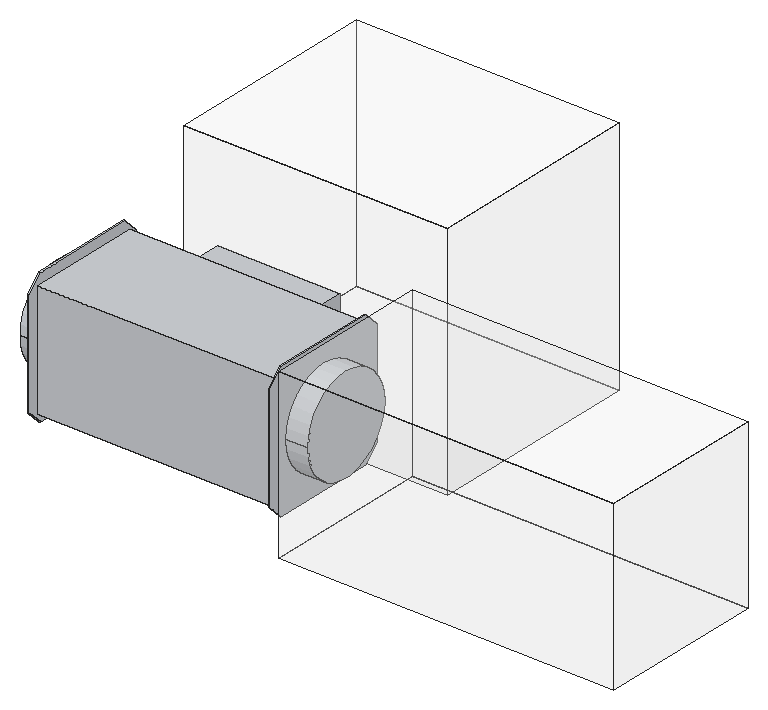
Revit family "140_VAV_変風量ユニット_丸ダクト用", category ダクト付属品, Revit 2022
Family settings
  丸型コネクタ寸法 = 直径を使用
  パーツ タイプ = 割り込み
  OmniClass 番号 = 23.75.70.11.14.14
  OmniClass タイトル = Dampers for Air Ductwork
  作業面ベース = いいえ
  常に垂直 = はい
  ロード時にボイドで切り取り = いいえ
  共有 = いいえ
Parameters (values of type "変風量ユニット_丸ダクト用")
  風量 [instance] = 0.0 m³/h
  風速 = 0.0 m/s
  質量 = 7.00 kg
  製品出荷対象 = ""
  製品リリース年月 = ""
  法定耐用年数 = "15"
  圧力損失 [instance] = 0.0 Pa
  メンテナンススペース [instance] = yes
  メンテ_W [instance] = 700 mm
  メンテ_H [instance] = 350 mm
  メンテ_D [instance] = 350 mm
  VAV長さ [instance] = 550 mm
  既定の高さ = 0 mm
  2D記号 = 記号_変風量ユニット : 1/100
  製品グループ = ""
  耐圧 [instance] = ""
  符号 = "VAV"
  積算_科目 = ""
  積算_拾い区分 [instance] = ""
  built-in parameter 1114242 [instance] = 1
  材質 = ""
  方向2 [instance] = not(方向1)  # no
  方向1 [instance] = yes
  文字 [instance] = ""
  呼称 = "変風量ユニット"
  分類コード = "50059004100020"
  分類グループ = ""
  企業コード = ""
  仕様書バージョン = "Version1.0"
  仕様7 [instance] = ""
  仕様6 [instance] = ""
  仕様5 [instance] = ""
  仕様4 [instance] = ""
  仕様3 [instance] = ""
  仕様2 [instance] = ""
  仕様 [instance] = ""
  ダクト径 [instance] = 200 mm
  本体マテリアル = none
  コメント [instance] = ""
  Width [instance] = 280 mm
  Version = ""
  Uniclass2015Version = "Systems v1.9"
  Uniclass2015Title = "Variable air volume boxes"
  Uniclass2015Code = "Pr_65_65_24_93"
  SpecificationReference = ""
  SpecificationDescription = ""
  Revision = ""
  ProductInformation = ""
  OmniClassCode = "23-33 41 17 13"
  IfcTypeProduct = ""
  IfcProduct = ""
  IfcExportType = "VARIABLEFLOWPRESSUREDEPENDANT"
  IfcExportAs = "IfcAirTerminalBoxType"
  Height [instance] = 280 mm
  Depth = 600 mm
  Author = "Revit User Group Japan"
  2D [instance] = yes
Reference planes
  plane 1 "中心(正面/背面)": y = 0
  plane 2: z = 0
  plane 3 "中心(左/右)": x = 0
  plane 4: y = 140
  plane 5: x = 300
  plane 6: z = 140
  plane 7: z = -140
  plane 8: x = 0
  plane 9: y = -140
  plane 10: x = -300
  plane 11: x = -250
  plane 12: x = 250
  plane 13: y = 120
  plane 14: y = -120
  plane 15: z = 120
  plane 16: z = -120
  plane 17: y = -110
  plane 18: y = 110
  plane 19: z = 110
  plane 20: z = -110
  plane 21: y = -140
Forms (mm)
  Extrusion 1, solid, material <- "本体マテリアル", detail levels medium+fine
    sketch origin (-158.75, 0, 0) x (1, 0, 0) y (0, 1, 0)
      loop
        line (-91.25, 120) -> (-91.25, -120) -> (408.75, -120) -> (408.75, 120) -> (-91.25, 120)
    from -120 to 120
  Extrusion 2, solid, material <- "本体マテリアル", detail levels fine
    sketch origin (0, 0, 0) x (0, 1, 0) y (0, 0, 1)
      loop
        circle (0, 0) r 100
    from -300 to -250
  Extrusion 3, solid, material <- "本体マテリアル", detail levels fine
    sketch origin (0, 0, 0) x (0, 1, 0) y (0, 0, 1)
      loop
        circle (0, 0) r 100
    from 250 to 300
  Extrusion 4, solid, material <- "本体マテリアル", detail levels fine
    sketch origin (0, 0, 0) x (0, 1, 0) y (0, 0, 1)
      loop
        line (110, -140) -> (140, -110) -> (140, 110) -> (110, 140) -> (-110, 140) -> (-140, 110) -> (-140, -110) -> (-110, -140) -> (110, -140)
    from -250 to -252.5
  Extrusion 5, solid, material <- "本体マテリアル", detail levels fine
    sketch origin (0, 0, 0) x (0, 1, 0) y (0, 0, 1)
      loop
        line (110, -140) -> (140, -110) -> (140, 110) -> (110, 140) -> (-110, 140) -> (-140, 110) -> (-140, -110) -> (-110, -140) -> (110, -140)
    from 250 to 252.5
  Extrusion 6, solid
    sketch origin (-11.5, -10, 0) x (1, 0, 0) y (0, 1, 0)
      loop
        line (-168.5, 275) -> (-168.5, 130) -> (86.5, 130) -> (86.5, 275) -> (-168.5, 275)
    from -50 to 50
Lines and regions (mm)
  symbolic lines, visible <- "方向1", detail levels medium+fine
    curve 1: line (-250, 120, 0) -> (250, 0, 0)
    curve 2: line (250, 0, 0) -> (-250, -120, 0)
  symbolic lines, visible <- "方向2", detail levels fine
    curve 3: line (250, 120, 0) -> (-250, 0, 0)
    curve 4: line (-250, 0, 0) -> (250, -120, 0)
  model lines, style "メンテナンススペース", visible <- "メンテナンススペース"
    curve 5: line (-250, 715, 0) -> (300, 265, 0)
    curve 6: line (300, 715, 0) -> (-250, 265, 0)
Dimensions and locks
  equal spacing: plane 6, plane 2, plane 7
  equal spacing: plane 4, plane 1 "中心(正面/背面)", plane 9
  "Width": plane 4 to plane 9
  "Width": plane 7 to plane 6
  equal spacing: plane 10, plane 3 "中心(左/右)", plane 5
  "Depth": plane 10 to plane 5
  locked: plane 12 to plane 5 at 50
  locked: plane 10 to plane 11 at 50
  locked: plane 4 to plane 13 at 20
  locked: plane 9 to plane 14 at 20
  locked: plane 15 to plane 6 at 20
  locked: plane 7 to plane 16 at 20
  locked: plane 4 to plane 18 at 30
  locked: plane 17 to plane 9 at 30
  locked: plane 19 to plane 6 at 30
  locked: plane 7 to plane 20 at 30
  locked: plane 12 to Extrusion 5 at 2.5
  locked: Extrusion 4 to plane 11 at 2.5
  "Height": plane 4 to plane 21
  locked: Extrusion 6 to Extrusion 6 at 255
  "ダクト径": diameter of Extrusion 3 sketch curve
  "ダクト径": diameter of Extrusion 2 sketch curve
  aligned and locked: plane 3 "中心(左/右)" to plane 8
  aligned and locked: Extrusion 2 to plane 10
  aligned and locked: plane 11 to Extrusion 2
  aligned and locked: Extrusion 3 to plane 12
  aligned and locked: Extrusion 1 to plane 15
  aligned and locked: plane 16 to Extrusion 1
  aligned and locked: Extrusion 5 to plane 12
  aligned and locked: Extrusion 4 to plane 11
  aligned and locked: plane 5 to Extrusion 3
  aligned and locked: plane 1 "中心(正面/背面)" to nested 1
  aligned and locked: nested 2 to plane 1 "中心(正面/背面)"
  aligned and locked: nested 2 to plane 8
  aligned and locked: plane 8 to nested 1
Automatic sketch dimensions
  Extrusion 1 sketch curve to plane 11 = 0 mm
  Extrusion 1 sketch curve to plane 12 = 0 mm
  Extrusion 1 sketch curve to plane 14 = 0 mm
  Extrusion 1 sketch curve to plane 13 = 0 mm
  Extrusion 4 sketch curve to plane 9 = 0 mm
  plane 7 to Extrusion 4 sketch curve = 0 mm
  Extrusion 4 sketch curve to plane 17 = 0 mm  (x2)
  plane 6 to Extrusion 4 sketch curve = 0 mm
  Extrusion 4 sketch curve to plane 18 = 0 mm  (x2)
  Extrusion 4 sketch curve to plane 4 = 0 mm
  plane 20 to Extrusion 4 sketch curve = 0 mm  (x2)
  plane 19 to Extrusion 4 sketch curve = 0 mm  (x2)
  Extrusion 5 sketch curve to plane 9 = 0 mm
  plane 7 to Extrusion 5 sketch curve = 0 mm
  Extrusion 5 sketch curve to plane 17 = 0 mm  (x2)
  plane 6 to Extrusion 5 sketch curve = 0 mm
  Extrusion 5 sketch curve to plane 18 = 0 mm  (x2)
  Extrusion 5 sketch curve to plane 4 = 0 mm
  plane 20 to Extrusion 5 sketch curve = 0 mm  (x2)
  plane 19 to Extrusion 5 sketch curve = 0 mm  (x2)
  plane 1 "中心(正面/背面)" to curve 3 = 0 mm
  curve 3 to plane 11 = 0 mm
  curve 2 to plane 11 = 0 mm
  curve 1 to plane 11 = 0 mm
  curve 3 to plane 12 = 0 mm
  plane 1 "中心(正面/背面)" to curve 2 = 0 mm
  curve 2 to plane 12 = 0 mm
  curve 4 to plane 12 = 0 mm
  curve 2 to plane 14 = 0 mm
  plane 14 to curve 4 = 0 mm
  plane 13 to curve 3 = 0 mm
  curve 1 to plane 13 = 0 mm
  Extrusion 2 sketch curve to level = 0 mm
  Extrusion 2 sketch curve to plane 1 "中心(正面/背面)" = 0 mm
  Extrusion 3 sketch curve to level = 0 mm
  Extrusion 3 sketch curve to plane 1 "中心(正面/背面)" = 0 mm
  Extrusion 6 sketch curve to plane 5 = 480 mm
  Extrusion 6 sketch curve to Extrusion 6 sketch curve = 255 mm
  Extrusion 6 sketch curve to plane 4 = 20 mm
  Extrusion 6 sketch curve to Extrusion 6 sketch curve = 145 mm
  curve 6 to plane 5 = 550 mm
  curve 5 to plane 5 = 550 mm
  curve 5 to curve 6 = 550 mm
  plane 4 to curve 5 = 125 mm
  curve 5 to curve 6 = 0 mm
  plane 4 to curve 6 = 125 mm
  curve 5 to curve 6 = 450 mm
  curve 6 to curve 5 = 450 mm
Nested families
  nested 1: "記号_変風量ユニット" at (0, 0, 0), type "1/100", detail levels coarse
  nested 2: "記号_変風量ユニット" at (0, 0, 0) x (-1, 0, 0) z (0, 0, 1), type "1/100", not visible, detail levels coarse
  nested 3: "2D" at (650, 0, 0), visible <- "2D", type "サービススペース"
    with Width 700 mm, Height 350 mm, Depth 350 mm
  nested 4: "メンテナンススペース" at (25, 490, 0), visible <- "メンテナンススペース", type "サービススペース"
    with Width 550 mm, Depth 450 mm
Connectors
  hvac at (300, 0, 0), driven by "ダクト径", driven by "圧力損失", driven by "風量"
    settings: on Extrusion 3, index 3, duct flow 0.0 m³/h, flow factor 0, pres drop 0.0 Pa, loss coef 0, conn angle 0.00°, conn width 304.8 mm, conn height 304.8 mm, conn diameter 200 mm, duct sys type 1, conn prof type 0, flow config 1, flow direction 1, loss method 4, conn ref index 4, conn util no, is conn primary no, conn desc ""
  hvac at (-300, 0, 0), driven by "ダクト径", driven by "圧力損失", driven by "風量"
    settings: on Extrusion 2, index 4, duct flow 0.0 m³/h, flow factor 0, pres drop 0.0 Pa, loss coef 0, conn angle 0.00°, conn width 304.8 mm, conn height 304.8 mm, conn diameter 200 mm, duct sys type 1, conn prof type 0, flow config 1, flow direction 2, loss method 4, conn ref index 3, conn util no, is conn primary yes, conn desc ""
Definition of nested family "2D"
  Parameters (values of type "サービススペース")
    Default Elevation = 0 mm
    Width = 500 mm
    Height = 500 mm
    Depth = 500 mm
  Reference planes
    plane 1 "中心(正面/背面)": y = 0
    plane 2: z = 0
    plane 3 "中心(左/右)": x = 0
    plane 4: y = -250
    plane 5: x = 250
    plane 6: y = 250
    plane 7: x = -250
    plane 8: z = 250
    plane 9: z = -250
  Forms (mm)
    Extrusion 1, solid
      sketch origin (-638.939, 0, 72.39) x (1, 0, 0) y (0, 1, 0)
        loop
          line (388.939, 250) -> (388.939, -250) -> (888.939, -250) -> (888.939, 250) -> (388.939, 250)
      from -322.39 to 177.61
  Lines and regions (mm)
    symbolic lines
      curve 1: line (-250, 0, 250) -> (250, 0, 250)
      curve 2: line (-250, 0, -250) -> (-250, 0, 250)
      curve 3: line (250, 0, -250) -> (-250, 0, -250)
      curve 4: line (250, 0, 250) -> (250, 0, -250)
      curve 5: line (0, -250, 250) -> (0, 250, 250)
      curve 6: line (0, -250, -250) -> (0, -250, 250)
      curve 7: line (0, 250, -250) -> (0, -250, -250)
      curve 8: line (0, 250, 250) -> (0, 250, -250)
      curve 9: line (-250, 250, 0) -> (250, 250, 0)
      curve 10: line (-250, -250, 0) -> (-250, 250, 0)
      curve 11: line (250, -250, 0) -> (-250, -250, 0)
      curve 12: line (250, 250, 0) -> (250, -250, 0)
  Dimensions and locks
    equal spacing: plane 7, plane 3 "中心(左/右)", plane 5
    equal spacing: plane 4, plane 1 "中心(正面/背面)", plane 6
    "Depth": plane 4 to plane 6
    "Width": plane 7 to plane 5
    equal spacing: plane 8, plane 2, plane 9
    "Height": plane 8 to plane 9
    aligned and locked: plane 9 to curve 3
    aligned and locked: plane 7 to curve 2
    aligned and locked: curve 4 to plane 5
    aligned and locked: plane 5 to Extrusion 1
    aligned and locked: Extrusion 1 to plane 7
    aligned and locked: Extrusion 1 to plane 9
    aligned and locked: plane 8 to Extrusion 1
    aligned and locked: plane 9 to curve 7
  Automatic sketch dimensions
    plane 4 to Extrusion 1 sketch curve = 0 mm
    Extrusion 1 sketch curve to plane 7 = 0 mm
    Extrusion 1 sketch curve to plane 5 = 0 mm
    plane 6 to Extrusion 1 sketch curve = 0 mm
    curve 2 to plane 8 = 0 mm
    plane 4 to curve 11 = 0 mm
    curve 11 to plane 7 = 0 mm
    curve 11 to plane 5 = 0 mm
    plane 6 to curve 10 = 0 mm
    curve 7 to plane 4 = 0 mm
    curve 7 to plane 6 = 0 mm
    curve 6 to plane 8 = 0 mm
Definition of nested family "メンテナンススペース"
  Parameters (values of type "サービススペース")
    Default Elevation = 0 mm
    Width = 500 mm
    Height = 500 mm
    Depth = 500 mm
  Reference planes
    plane 1 "中心(正面/背面)": y = 0
    plane 2: z = 0
    plane 3 "中心(左/右)": x = 0
    plane 4: y = -250
    plane 5: x = 250
    plane 6: y = 250
    plane 7: x = -250
    plane 8: z = 250
    plane 9: z = -250
  Forms (mm)
    Extrusion 1, solid
      sketch origin (-638.939, 0, 72.39) x (1, 0, 0) y (0, 1, 0)
        loop
          line (388.939, 250) -> (388.939, -250) -> (888.939, -250) -> (888.939, 250) -> (388.939, 250)
      from -322.39 to 177.61
  Lines and regions (mm)
    symbolic lines
      curve 1: line (-250, 0, 250) -> (250, 0, 250)
      curve 2: line (-250, 0, -250) -> (-250, 0, 250)
      curve 3: line (250, 0, -250) -> (-250, 0, -250)
      curve 4: line (250, 0, 250) -> (250, 0, -250)
      curve 5: line (0, -250, 250) -> (0, 250, 250)
      curve 6: line (0, -250, -250) -> (0, -250, 250)
      curve 7: line (0, 250, -250) -> (0, -250, -250)
      curve 8: line (0, 250, 250) -> (0, 250, -250)
      curve 9: line (-250, 250, 0) -> (250, 250, 0)
      curve 10: line (-250, -250, 0) -> (-250, 250, 0)
      curve 11: line (250, -250, 0) -> (-250, -250, 0)
      curve 12: line (250, 250, 0) -> (250, -250, 0)
  Dimensions and locks
    equal spacing: plane 7, plane 3 "中心(左/右)", plane 5
    equal spacing: plane 4, plane 1 "中心(正面/背面)", plane 6
    "Depth": plane 4 to plane 6
    "Width": plane 7 to plane 5
    equal spacing: plane 8, plane 2, plane 9
    "Height": plane 8 to plane 9
    aligned and locked: plane 9 to curve 3
    aligned and locked: plane 7 to curve 2
    aligned and locked: curve 4 to plane 5
    aligned and locked: plane 5 to Extrusion 1
    aligned and locked: Extrusion 1 to plane 7
    aligned and locked: Extrusion 1 to plane 9
    aligned and locked: plane 8 to Extrusion 1
    aligned and locked: plane 9 to curve 7
  Automatic sketch dimensions
    plane 4 to Extrusion 1 sketch curve = 0 mm
    Extrusion 1 sketch curve to plane 7 = 0 mm
    Extrusion 1 sketch curve to plane 5 = 0 mm
    plane 6 to Extrusion 1 sketch curve = 0 mm
    curve 2 to plane 8 = 0 mm
    plane 4 to curve 11 = 0 mm
    curve 11 to plane 7 = 0 mm
    curve 11 to plane 5 = 0 mm
    plane 6 to curve 10 = 0 mm
    curve 7 to plane 4 = 0 mm
    curve 7 to plane 6 = 0 mm
    curve 6 to plane 8 = 0 mm
Definition of nested family "記号_変風量ユニット"
  Parameters
    倍率 = 1
    W = 5 mm * 倍率  # 5 mm
    D = 3 mm * 倍率  # 3 mm
  Reference planes
    plane 1: y = 0
    plane 2: x = 0
  Lines and regions (mm)
    Filled region 1, type "塗り潰し領域"
      outline origin (0, 0, 0) x (1, 0, 0) y (0, 1, 0)
        loop
          line (-2.5, -1.5) -> (2.5, 0) -> (-2.5, 1.5) -> (-2.5, -1.5)
    detail lines
      curve 1: line (-2.5, 1.5, 0) -> (2.5, 1.5, 0)
      curve 2: line (-2.5, -1.5, 0) -> (-2.5, 1.5, 0)
      curve 3: line (2.5, -1.5, 0) -> (-2.5, -1.5, 0)
      curve 4: line (2.5, 1.5, 0) -> (2.5, -1.5, 0)
      curve 5: line (-2.5, 1.5, 0) -> (2.5, 0, 0)
      curve 6: line (-2.5, -1.5, 0) -> (2.5, 0, 0)
    reference lines
      curve 7: line (-2.5, -4.77, 0) -> (-2.5, 4.892, 0)
      curve 8: line (2.5, 4.892, 0) -> (2.5, -4.77, 0)
      curve 9: line (-4.482, 1.5, 0) -> (4.48, 1.5, 0)
      curve 10: line (4.48, -1.5, 0) -> (-4.482, -1.5, 0)
  Dimensions and locks
    equal spacing: curve 10, plane 1, curve 9
    "D": curve 9 to curve 10
    equal spacing: curve 7, plane 2, curve 8
    "W": curve 7 to curve 8
    aligned and locked: curve 9 to curve 1
    aligned and locked: curve 10 to curve 3
    aligned and locked: curve 7 to curve 2
    aligned and locked: curve 8 to curve 4
    aligned and locked: curve 2 to Filled region 1 sketch curve
    aligned and locked: Filled region 1 sketch curve to curve 5
    aligned and locked: Filled region 1 sketch curve to curve 6
  Automatic sketch dimensions
    plane 1 to curve 5 = 0 mm
    curve 9 to curve 7 = 1.982 mm
    curve 10 to curve 9 = 0 mm
    curve 8 to curve 10 = 1.98 mm
    curve 9 to curve 10 = 0 mm
    curve 7 to curve 10 = 3.27 mm
    curve 8 to curve 10 = 3.27 mm
    curve 9 to curve 8 = 3.392 mm
    curve 9 to curve 7 = 3.392 mm
